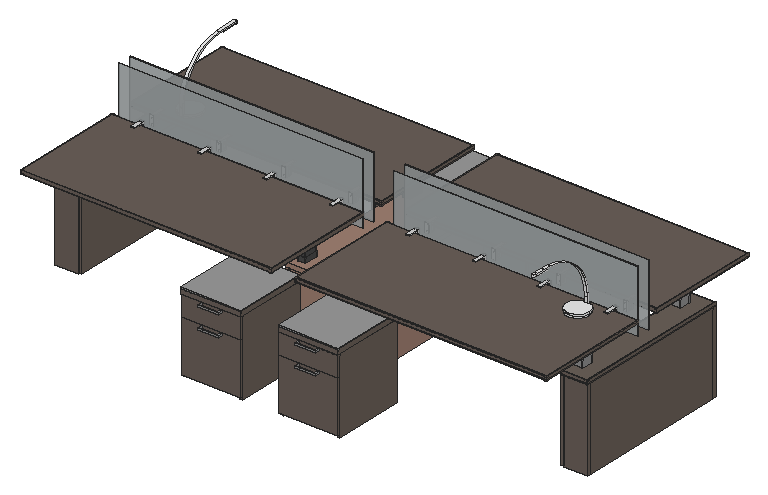
Revit family "OFS TYPICAL S200151", category Furniture, Revit 2022 (continued)
Definition of nested family "STAKS HEIGHT ADJUSTABLE WORK GROUP CABINET Double Sided Dual User"
  Forms (in)
    Extrusion 15, solid, material <- "Column Material"
      sketch origin (-7.27539, 70.81173, 0) x (1, 0, 0) y (0, 1, 0)
        loop
          line (22.65039, -85.49923) -> (22.65039, -87.12423)
          arc (22.65039, -87.12423) -> (22.66869, -87.16843) -> (22.71289, -87.18673) r 0.0625
          line (22.71289, -87.18673) -> (26.08789, -87.18673)
          arc (26.08789, -87.18673) -> (26.13208, -87.16843) -> (26.15039, -87.12423) r 0.0625
          line (26.15039, -87.12423) -> (26.15039, -85.49923)
          arc (26.15039, -85.49923) -> (26.13208, -85.45504) -> (26.08789, -85.43673) r 0.0625
          line (26.08789, -85.43673) -> (22.71289, -85.43673)
      from 24.375 to 25.75
    Extrusion 16, solid, material <- "Column Material"
      sketch origin (0, 0, 0) x (1, 0, 0) y (0, 1, 0)
        loop
          line (-15.25, -14.375) -> (-19, -14.375)
          arc (-19, -14.375) -> (-19.08839, -14.41161) -> (-19.125, -14.5) r 0.125
          line (-19.125, -14.5) -> (-19.125, -21.25)
          arc (-19.125, -21.25) -> (-19.08839, -21.33839) -> (-19, -21.375) r 0.125
          line (-19, -21.375) -> (-15.25, -21.375)
          arc (-15.25, -21.375) -> (-15.16161, -21.33839) -> (-15.125, -21.25) r 0.125
          line (-15.125, -21.25) -> (-15.125, -14.5)
          arc (-15.125, -14.5) -> (-15.16161, -14.41161) -> (-15.25, -14.375) r 0.125
      from 26.75 to 27.75
    Blend 17, solid, material <- "Column Material"
      base sketch origin (0, 0, 0) x (1, 0, 0) y (0, 1, 0)
        loop
          line (-15.375, -20) -> (-15.375, -14.75)
          arc (-15.375, -14.75) -> (-15.41161, -14.66161) -> (-15.5, -14.625) r 0.125
          line (-15.5, -14.625) -> (-18.75, -14.625)
          arc (-18.75, -14.625) -> (-18.83839, -14.66161) -> (-18.875, -14.75) r 0.125
          line (-18.875, -14.75) -> (-18.875, -20)
          arc (-18.875, -20) -> (-18.83839, -20.08839) -> (-18.75, -20.125) r 0.125
          line (-18.75, -20.125) -> (-15.5, -20.125)
          arc (-15.5, -20.125) -> (-15.41161, -20.08839) -> (-15.375, -20) r 0.125
      top sketch origin (0, 0, 0) x (1, 0, 0) y (0, 1, 0)
        loop
          line (-15.125, -21.25) -> (-15.125, -14.5)
          arc (-15.125, -14.5) -> (-15.16161, -14.41161) -> (-15.25, -14.375) r 0.125
          line (-15.25, -14.375) -> (-19, -14.375)
          arc (-19, -14.375) -> (-19.08839, -14.41161) -> (-19.125, -14.5) r 0.125
          line (-19.125, -14.5) -> (-19.125, -21.25)
          arc (-19.125, -21.25) -> (-19.08839, -21.33839) -> (-19, -21.375) r 0.125
          line (-19, -21.375) -> (-15.25, -21.375)
          arc (-15.25, -21.375) -> (-15.16161, -21.33839) -> (-15.125, -21.25) r 0.125
      from 25.75 to 26.75
    Extrusion 18, solid, material <- "Column Material"
      sketch origin (0, 0, 0) x (-1, 0, 0) y (0, -1, 0)
        loop
          arc (-15.25, 14.375) -> (-15.16161, 14.41161) -> (-15.125, 14.5) r 0.125
          line (-15.125, 14.5) -> (-15.125, 21.25)
          arc (-15.125, 21.25) -> (-15.16161, 21.33839) -> (-15.25, 21.375) r 0.125
          line (-15.25, 21.375) -> (-19, 21.375)
          arc (-19, 21.375) -> (-19.08839, 21.33839) -> (-19.125, 21.25) r 0.125
          line (-19.125, 21.25) -> (-19.125, 14.5)
          arc (-19.125, 14.5) -> (-19.08839, 14.41161) -> (-19, 14.375) r 0.125
          line (-19, 14.375) -> (-15.25, 14.375)
      from 26.75 to 27.75
    Blend 19, solid, material <- "Column Material"
      base sketch origin (0, 0, 0) x (-1, 0, 0) y (0, -1, 0)
        loop
          arc (-15.375, 20) -> (-15.41161, 20.08839) -> (-15.5, 20.125) r 0.125
          line (-15.5, 20.125) -> (-18.75, 20.125)
          arc (-18.75, 20.125) -> (-18.83839, 20.08839) -> (-18.875, 20) r 0.125
          line (-18.875, 20) -> (-18.875, 14.75)
          arc (-18.875, 14.75) -> (-18.83839, 14.66161) -> (-18.75, 14.625) r 0.125
          line (-18.75, 14.625) -> (-15.5, 14.625)
          arc (-15.5, 14.625) -> (-15.41161, 14.66161) -> (-15.375, 14.75) r 0.125
          line (-15.375, 14.75) -> (-15.375, 20)
      top sketch origin (0, 0, 0) x (-1, 0, 0) y (0, -1, 0)
        loop
          arc (-15.125, 21.25) -> (-15.16161, 21.33839) -> (-15.25, 21.375) r 0.125
          line (-15.25, 21.375) -> (-19, 21.375)
          arc (-19, 21.375) -> (-19.08839, 21.33839) -> (-19.125, 21.25) r 0.125
          line (-19.125, 21.25) -> (-19.125, 14.5)
          arc (-19.125, 14.5) -> (-19.08839, 14.41161) -> (-19, 14.375) r 0.125
          line (-19, 14.375) -> (-15.25, 14.375)
          arc (-15.25, 14.375) -> (-15.16161, 14.41161) -> (-15.125, 14.5) r 0.125
          line (-15.125, 14.5) -> (-15.125, 21.25)
      from 25.75 to 26.75
    Extrusion 20, solid, material <- "Column Material"
      sketch origin (7.27539, -88.81173, 0) x (-1, 0, 0) y (0, -1, 0)
        loop
          line (26.15039, -85.31173) -> (22.40039, -85.31173)
          arc (22.40039, -85.31173) -> (22.312, -85.34834) -> (22.27539, -85.43673) r 0.125
          line (22.27539, -85.43673) -> (22.27539, -87.18673)
          arc (22.27539, -87.18673) -> (22.312, -87.27512) -> (22.40039, -87.31173) r 0.125
          line (22.40039, -87.31173) -> (26.15039, -87.31173)
          arc (26.15039, -87.31173) -> (26.23878, -87.27512) -> (26.27539, -87.18673) r 0.125
          line (26.27539, -87.18673) -> (26.27539, -85.43673)
          arc (26.27539, -85.43673) -> (26.23878, -85.34834) -> (26.15039, -85.31173) r 0.125
      from 23 to 24.375
    Extrusion 21, solid, material <- "Column Material"
      sketch origin (7.27539, -88.81173, 0) x (-1, 0, 0) y (0, -1, 0)
        loop
          arc (22.46289, -85.43673) -> (22.41869, -85.45504) -> (22.40039, -85.49923) r 0.0625
          line (22.40039, -85.49923) -> (22.40039, -87.12423)
          arc (22.40039, -87.12423) -> (22.41869, -87.16843) -> (22.46289, -87.18673) r 0.0625
          line (22.46289, -87.18673) -> (26.08789, -87.18673)
          arc (26.08789, -87.18673) -> (26.13208, -87.16843) -> (26.15039, -87.12423) r 0.0625
          line (26.15039, -87.12423) -> (26.15039, -85.49923)
          arc (26.15039, -85.49923) -> (26.13208, -85.45504) -> (26.08789, -85.43673) r 0.0625
          line (26.08789, -85.43673) -> (22.46289, -85.43673)
      from 24.375 to 25.75
    Revolve 22, solid, material <- "Leg Caps Material"
      sketch origin (7.02629, -14.5, 0) x (1, 0, 0) y (0, 0, -1)
        loop
          line (-26.02629, -0.5) -> (-25.83829, -0.5) -> (-25.83829, 0) -> (-26.21329, 0) -> (-26.21329, -0.12502)
          arc (-26.21329, -0.12502) -> (-26.17668, -0.2134) -> (-26.08831, -0.25) r 0.12498
          line (-26.08831, -0.25) -> (-26.02629, -0.25) -> (-26.02629, -0.5)
        axis (-25.83829, 0) -> (-25.83829, -0.5)
      angle from 0 to 360
    Revolve 23, solid, material <- "Leg Caps Material"
      sketch origin (-7.02629, -14.5, 0) x (-1, 0, 0) y (0, 0, 1)
        loop
          line (-26.02629, 0.5) -> (-26.02629, 0.25) -> (-26.08831, 0.25)
          arc (-26.08831, 0.25) -> (-26.17668, 0.2134) -> (-26.21329, 0.12502) r 0.12498
          line (-26.21329, 0.12502) -> (-26.21329, 0) -> (-25.83829, 0) -> (-25.83829, 0.5) -> (-26.02629, 0.5)
        axis (-25.83829, 0) -> (-25.83829, 0.5)
      angle from 0 to 360
    Extrusion 24, solid, material <- "Column Material"
      sketch origin (-7.27539, -88.81173, 0) x (1, 0, 0) y (0, 1, 0)
        loop
          arc (26.15039, 85.31173) -> (26.23878, 85.34834) -> (26.27539, 85.43673) r 0.125
          line (26.27539, 85.43673) -> (26.27539, 87.18673)
          arc (26.27539, 87.18673) -> (26.23878, 87.27512) -> (26.15039, 87.31173) r 0.125
          line (26.15039, 87.31173) -> (22.65039, 87.31173)
          arc (22.65039, 87.31173) -> (22.562, 87.27512) -> (22.52539, 87.18673) r 0.125
          line (22.52539, 87.18673) -> (22.52539, 85.43673)
          arc (22.52539, 85.43673) -> (22.562, 85.34834) -> (22.65039, 85.31173) r 0.125
          line (22.65039, 85.31173) -> (26.15039, 85.31173)
      from 23 to 24.375
    Extrusion 25, solid, material <- "Column Material"
      sketch origin (-7.27539, -88.81173, 0) x (1, 0, 0) y (0, 1, 0)
        loop
          line (22.71289, 85.43673) -> (26.08789, 85.43673)
          arc (26.08789, 85.43673) -> (26.13208, 85.45504) -> (26.15039, 85.49923) r 0.0625
          line (26.15039, 85.49923) -> (26.15039, 87.12423)
          arc (26.15039, 87.12423) -> (26.13208, 87.16843) -> (26.08789, 87.18673) r 0.0625
          line (26.08789, 87.18673) -> (22.71289, 87.18673)
          arc (22.71289, 87.18673) -> (22.66869, 87.16843) -> (22.65039, 87.12423) r 0.0625
          line (22.65039, 87.12423) -> (22.65039, 85.49923)
          arc (22.65039, 85.49923) -> (22.66869, 85.45504) -> (22.71289, 85.43673) r 0.0625
      from 24.375 to 25.75
    Extrusion 26, solid, material <- "Column Material"
      sketch origin (0, -18, 0) x (1, 0, 0) y (0, 1, 0)
        loop
          arc (-15, 14.375) -> (-14.91161, 14.41161) -> (-14.875, 14.5) r 0.125
          line (-14.875, 14.5) -> (-14.875, 21.25)
          arc (-14.875, 21.25) -> (-14.91161, 21.33839) -> (-15, 21.375) r 0.125
          line (-15, 21.375) -> (-19, 21.375)
          arc (-19, 21.375) -> (-19.08839, 21.33839) -> (-19.125, 21.25) r 0.125
          line (-19.125, 21.25) -> (-19.125, 14.5)
          arc (-19.125, 14.5) -> (-19.08839, 14.41161) -> (-19, 14.375) r 0.125
          line (-19, 14.375) -> (-15, 14.375)
      from 26.75 to 27.75
    Blend 27, solid, material <- "Column Material"
      base sketch origin (0, -18, 0) x (1, 0, 0) y (0, 1, 0)
        loop
          arc (-15.125, 20) -> (-15.16161, 20.08839) -> (-15.25, 20.125) r 0.125
          line (-15.25, 20.125) -> (-18.75, 20.125)
          arc (-18.75, 20.125) -> (-18.83839, 20.08839) -> (-18.875, 20) r 0.125
          line (-18.875, 20) -> (-18.875, 14.75)
          arc (-18.875, 14.75) -> (-18.83839, 14.66161) -> (-18.75, 14.625) r 0.125
          line (-18.75, 14.625) -> (-15.25, 14.625)
          arc (-15.25, 14.625) -> (-15.16161, 14.66161) -> (-15.125, 14.75) r 0.125
          line (-15.125, 14.75) -> (-15.125, 20)
      top sketch origin (0, -18, 0) x (1, 0, 0) y (0, 1, 0)
        loop
          arc (-14.875, 21.25) -> (-14.91161, 21.33839) -> (-15, 21.375) r 0.125
          line (-15, 21.375) -> (-19, 21.375)
          arc (-19, 21.375) -> (-19.08839, 21.33839) -> (-19.125, 21.25) r 0.125
          line (-19.125, 21.25) -> (-19.125, 14.5)
          arc (-19.125, 14.5) -> (-19.08839, 14.41161) -> (-19, 14.375) r 0.125
          line (-19, 14.375) -> (-15, 14.375)
          arc (-15, 14.375) -> (-14.91161, 14.41161) -> (-14.875, 14.5) r 0.125
          line (-14.875, 14.5) -> (-14.875, 21.25)
      from 25.75 to 26.75
    Extrusion 28, solid, material <- "Column Material"
      sketch origin (0, -18, 0) x (-1, 0, 0) y (0, -1, 0)
        loop
          line (-15.25, -14.375) -> (-19, -14.375)
          arc (-19, -14.375) -> (-19.08839, -14.41161) -> (-19.125, -14.5) r 0.125
          line (-19.125, -14.5) -> (-19.125, -21.25)
          arc (-19.125, -21.25) -> (-19.08839, -21.33839) -> (-19, -21.375) r 0.125
          line (-19, -21.375) -> (-15.25, -21.375)
          arc (-15.25, -21.375) -> (-15.16161, -21.33839) -> (-15.125, -21.25) r 0.125
          line (-15.125, -21.25) -> (-15.125, -14.5)
          arc (-15.125, -14.5) -> (-15.16161, -14.41161) -> (-15.25, -14.375) r 0.125
      from 26.75 to 27.75
    Blend 29, solid, material <- "Column Material"
      base sketch origin (0, -18, 0) x (-1, 0, 0) y (0, -1, 0)
        loop
          line (-15.375, -20) -> (-15.375, -14.75)
          arc (-15.375, -14.75) -> (-15.41161, -14.66161) -> (-15.5, -14.625) r 0.125
          line (-15.5, -14.625) -> (-18.75, -14.625)
          arc (-18.75, -14.625) -> (-18.83839, -14.66161) -> (-18.875, -14.75) r 0.125
          line (-18.875, -14.75) -> (-18.875, -20)
          arc (-18.875, -20) -> (-18.83839, -20.08839) -> (-18.75, -20.125) r 0.125
          line (-18.75, -20.125) -> (-15.5, -20.125)
          arc (-15.5, -20.125) -> (-15.41161, -20.08839) -> (-15.375, -20) r 0.125
      top sketch origin (0, -18, 0) x (-1, 0, 0) y (0, -1, 0)
        loop
          line (-15.125, -21.25) -> (-15.125, -14.5)
          arc (-15.125, -14.5) -> (-15.16161, -14.41161) -> (-15.25, -14.375) r 0.125
          line (-15.25, -14.375) -> (-19, -14.375)
          arc (-19, -14.375) -> (-19.08839, -14.41161) -> (-19.125, -14.5) r 0.125
          line (-19.125, -14.5) -> (-19.125, -21.25)
          arc (-19.125, -21.25) -> (-19.08839, -21.33839) -> (-19, -21.375) r 0.125
          line (-19, -21.375) -> (-15.25, -21.375)
          arc (-15.25, -21.375) -> (-15.16161, -21.33839) -> (-15.125, -21.25) r 0.125
      from 25.75 to 26.75
  Cuts and joins
    Extrusion 9 cuts Extrusion 7
    Extrusion 9 cuts Extrusion 6
  Dimensions and locks (in)
    equal spacing: plane 4 "Left End", plane 3 "Center Left/Right", plane 6 "Right End"
    "Width": plane 4 "Left End" to plane 6 "Right End"
    "Height": plane 8 "Height Top" to level
    "Board Thick Sides": plane 4 "Left End" to plane 9
    "Board Thick Sides": plane 10 to plane 6 "Right End"
    "Board Thick Top": plane 8 "Height Top" to plane 11
    "Board Thick Bot": plane 13 to plane 12
    "Bottom Board Offset": plane 12 to level
    "Board Thick Front": plane 14 to plane 5 "Front End"
    "Leg Offset": plane 15 to plane 6 "Right End"
    "Leg Offset": plane 4 "Left End" to plane 16
    "Board Thick Door": plane 17 to plane 5 "Front End"
    "Board Thick Back": plane 18 to plane 1 "Center Front/Back"
    "Depth": plane 17 to plane 1 "Center Front/Back"
    "Top Board Back Offset": plane 19 to plane 7 "Back End"
    equal spacing: plane 21, plane 3 "Center Left/Right", plane 23
    "Box Width": plane 21 to plane 23
    "Board Thick Internal": plane 23 to plane 22
    "Board Thick Internal": plane 20 to plane 21
    "Table Height": plane 24 to level
    "Column Plate Thickness": plane 24 to plane 25
    equal spacing: plane 25, plane 26, plane 8 "Height Top"
    equal spacing: plane 24, plane 27, plane 25
    aligned and locked: level to plane 2
    aligned and locked: plane 4 "Left End" to Extrusion 1 sketch curve
    aligned and locked: Extrusion 1 sketch curve to plane 9
    aligned and locked: plane 10 to Extrusion 2
    aligned and locked: Extrusion 2 to plane 6 "Right End"
    aligned and locked: plane 12 to Extrusion 2
    aligned and locked: plane 10 to Extrusion 3 sketch curve
    aligned and locked: Extrusion 3 sketch curve to plane 9
    aligned and locked: Extrusion 6 to plane 12
    aligned and locked: Extrusion 3 to plane 13
    aligned and locked: Extrusion 3 to plane 12
    aligned and locked: Extrusion 6 to plane 11
    aligned and locked: Extrusion 2 to plane 11
    aligned and locked: Extrusion 4 to plane 17
    aligned and locked: Extrusion 4 to plane 6 "Right End"
    aligned and locked: Extrusion 4 to plane 4 "Left End"
    aligned and locked: plane 8 "Height Top" to Extrusion 4
    aligned and locked: Extrusion 4 to plane 11
    aligned and locked: Extrusion 7 to plane 11
    aligned and locked: Extrusion 6 to plane 18
    aligned and locked: Extrusion 6 to plane 1 "Center Front/Back"
    aligned and locked: Extrusion 4 to plane 19
    aligned and locked: Extrusion 3 to plane 18
    aligned and locked: plane 11 to Extrusion 8
    aligned and locked: Extrusion 8 to plane 13
    aligned and locked: Extrusion 4 to Extrusion 9
    aligned and locked: Extrusion 6 to Extrusion 9
    aligned and locked: Extrusion 9 to Extrusion 2
    aligned and locked: plane 23 to Extrusion 8
    aligned and locked: Extrusion 8 to plane 22
    aligned and locked: Extrusion 5 to plane 20
    aligned and locked: cut or joined group of Extrusion 7, Extrusion 9 to plane 12
    aligned and locked: plane 25 to Extrusion 11
    aligned and locked: plane 26 to Extrusion 10
    aligned and locked: Extrusion 11 to plane 26
    aligned and locked: plane 11 to Extrusion 1
    aligned and locked: plane 11 to Extrusion 5
    aligned and locked: Extrusion 1 to plane 5 "Front End"
    aligned and locked: Extrusion 2 to plane 5 "Front End"
    aligned and locked: cut or joined group of Extrusion 7, Extrusion 9 to plane 4 "Left End"
    aligned and locked: cut or joined group of Extrusion 7, Extrusion 9 to plane 6 "Right End"
    aligned and locked: Extrusion 1 to plane 12
    aligned and locked: plane 16 to Revolve 12
    aligned and locked: plane 15 to Revolve 13
    aligned and locked: Extrusion 5 to plane 13
    aligned and locked: Extrusion 10 to plane 8 "Height Top"
    aligned and locked: Extrusion 14 to plane 8 "Height Top"
    aligned and locked: Extrusion 15 to plane 25
    aligned and locked: Extrusion 14 to plane 26
    aligned and locked: plane 26 to Extrusion 15
    aligned and locked: plane 24 to Extrusion 16
    aligned and locked: Extrusion 16 to plane 27
    aligned and locked: Blend 17 to plane 25
    aligned and locked: plane 27 to Blend 17
    aligned and locked: Extrusion 18 to plane 24
    aligned and locked: Blend 19 to plane 27
    aligned and locked: plane 27 to Extrusion 18
    aligned and locked: plane 25 to Blend 19
    aligned and locked: Extrusion 26 to plane 24
    aligned and locked: Extrusion 28 to plane 24
    aligned and locked: plane 27 to Blend 27
    aligned and locked: Extrusion 26 to plane 27
    aligned and locked: plane 27 to Blend 29
    aligned and locked: Extrusion 28 to plane 27
    aligned and locked: plane 25 to Blend 27
    aligned and locked: plane 25 to Blend 29
    aligned and locked: Extrusion 21 to plane 25
    aligned and locked: Extrusion 25 to plane 25
    aligned and locked: Extrusion 20 to plane 26
    aligned and locked: plane 26 to Extrusion 21
    aligned and locked: Extrusion 24 to plane 26
    aligned and locked: plane 26 to Extrusion 25
    aligned and locked: plane 18 to Extrusion 2
    aligned and locked: plane 18 to Extrusion 1
    aligned and locked: cut or joined group of Extrusion 6, Extrusion 9 to plane 4 "Left End"
    aligned and locked: cut or joined group of Extrusion 6, Extrusion 9 to plane 6 "Right End"
    aligned and locked: Extrusion 24 to plane 8 "Height Top"
    aligned and locked: plane 8 "Height Top" to Extrusion 14
    aligned and locked: Extrusion 20 to plane 8 "Height Top"
  Automatic sketch dimensions
    Extrusion 1 sketch curve to plane 5 "Front End" = 0"
    plane 1 "Center Front/Back" to Extrusion 1 sketch curve = 3/4"
    Extrusion 2 sketch curve to plane 5 "Front End" = 0"
    Extrusion 2 sketch curve to plane 6 "Right End" = 0"
    Extrusion 2 sketch curve to plane 10 = 0"
    Extrusion 2 sketch curve to plane 1 "Center Front/Back" = 3/4"
    Extrusion 3 sketch curve to plane 5 "Front End" = 0"
    Extrusion 3 sketch curve to plane 18 = 0"
    Extrusion 4 sketch curve to plane 4 "Left End" = 0"
    Extrusion 4 sketch curve to plane 6 "Right End" = 0"
    Extrusion 4 sketch curve to plane 17 = 0"
    plane 1 "Center Front/Back" to Extrusion 4 sketch curve = 0"
    Extrusion 5 sketch curve to plane 5 "Front End" = 0"
    Extrusion 5 sketch curve to plane 20 = 0"
    Extrusion 5 sketch curve to plane 21 = 0"
    Extrusion 5 sketch curve to plane 18 = 0"
    Extrusion 6 sketch curve to plane 9 = 3/4"
    Extrusion 6 sketch curve to plane 10 = 3/4"
    Extrusion 6 sketch curve to plane 18 = 0"
    plane 1 "Center Front/Back" to Extrusion 6 sketch curve = 0"
    Extrusion 7 sketch curve to plane 4 "Left End" = 0"
    Extrusion 7 sketch curve to plane 6 "Right End" = 0"
    plane 17 to Extrusion 7 sketch curve = 0"
    Extrusion 7 sketch curve to plane 5 "Front End" = 0"
    Extrusion 8 sketch curve to plane 5 "Front End" = 0"
    Extrusion 8 sketch curve to plane 22 = 0"
    Extrusion 8 sketch curve to plane 23 = 0"
    Extrusion 8 sketch curve to plane 18 = 0"
    Extrusion 9 sketch curve to plane 11 = 0"
    Extrusion 9 sketch curve to plane 21 = 0"
    plane 23 to Extrusion 9 sketch curve = 0"
    plane 8 "Height Top" to Extrusion 9 sketch curve = 1 5/16"
    Extrusion 10 sketch curve to plane 14 = 0"
    Extrusion 10 sketch curve to plane 16 = 0"
    Extrusion 10 sketch curve to plane 14 = 2"
    Extrusion 10 sketch curve to plane 16 = 1/8"  (x2)
    Extrusion 10 sketch curve to Extrusion 10 sketch curve = 3 1/2"
    Extrusion 10 sketch curve to Extrusion 10 sketch curve = 0"
    Extrusion 10 sketch curve to Extrusion 10 sketch curve = 1/8"
    Extrusion 11 sketch curve to plane 14 = 3/16"
    Extrusion 11 sketch curve to plane 16 = 3 5/8"
    Extrusion 11 sketch curve to plane 16 = 3/16"  (x2)
    Extrusion 11 sketch curve to plane 14 = 1 7/8"
    Extrusion 11 sketch curve to Extrusion 11 sketch curve = 1/16"  (x3)
    Revolve 12 sketch curve to level = 0"
    plane 16 to Revolve 12 sketch curve = 0"
    Revolve 12 sketch curve to plane 12 = 0"  (x2)
    level to Revolve 12 sketch curve = 0.12502"
    Revolve 12 sketch curve to Revolve 12 sketch curve = 0.06202"
    Revolve 12 sketch curve to Revolve 12 sketch curve = 0.12498"
    Revolve 12 sketch curve to plane 16 = 0.188"  (x2)
    plane 12 to Revolve 12 sketch curve = 1/4"
    Revolve 13 sketch curve to level = 0"
    plane 15 to Revolve 13 sketch curve = 0"
    Revolve 13 sketch curve to plane 12 = 0"  (x2)
    level to Revolve 13 sketch curve = 1/4"
    Revolve 13 sketch curve to Revolve 13 sketch curve = 0.06202"
    Revolve 13 sketch curve to Revolve 13 sketch curve = 0.12498"
    plane 15 to Revolve 13 sketch curve = 0.188"  (x2)
    plane 12 to Revolve 13 sketch curve = 1/4"
    plane 14 to Extrusion 14 sketch curve = 0"
    Extrusion 14 sketch curve to plane 15 = 0"
    Extrusion 14 sketch curve to plane 14 = 1/8"
    plane 15 to Extrusion 14 sketch curve = 1/8"
    Extrusion 14 sketch curve to Extrusion 14 sketch curve = 3 1/2"
    Extrusion 14 sketch curve to Extrusion 14 sketch curve = 0"
    Extrusion 14 sketch curve to Extrusion 14 sketch curve = 1/8"
    Extrusion 14 sketch curve to Extrusion 14 sketch curve = 1 3/4"
    Extrusion 15 sketch curve to plane 14 = 3/16"
    plane 15 to Extrusion 15 sketch curve = 3 5/8"
    Extrusion 15 sketch curve to plane 14 = 1/8"
    Extrusion 15 sketch curve to Extrusion 15 sketch curve = 1/16"  (x2)
    plane 15 to Extrusion 15 sketch curve = 3/16"  (x2)
    Extrusion 15 sketch curve to Extrusion 15 sketch curve = 1 5/8"
    Extrusion 16 sketch curve to plane 16 = 0"  (x2)
    plane 17 to Extrusion 16 sketch curve = 3 3/8"
    plane 16 to Extrusion 16 sketch curve = 1/8"
    Extrusion 16 sketch curve to plane 14 = 2 1/8"
    Extrusion 16 sketch curve to Extrusion 16 sketch curve = 3 3/4"  (x2)
    Extrusion 16 sketch curve to Extrusion 16 sketch curve = 1/8"
    Blend 17 sketch curve to plane 16 = 1/8"
    plane 17 to Blend 17 sketch curve = 2 1/8"
    Blend 17 sketch curve to Blend 17 sketch curve = 1/8"  (x4)
    Blend 17 sketch curve to Blend 17 sketch curve = 3 1/4"
    Blend 17 sketch curve to Blend 17 sketch curve = 0"
    Blend 17 sketch curve to plane 14 = 1 3/4"
    Blend 17 sketch curve to plane 16 = 0"  (x2)
    plane 17 to Blend 17 sketch curve = 3 3/8"
    plane 16 to Blend 17 sketch curve = 1/8"
    Blend 17 sketch curve to Blend 17 sketch curve = 3 3/4"  (x2)
    Blend 17 sketch curve to plane 14 = 2"
    Extrusion 18 sketch curve to plane 15 = 0"  (x2)
    Extrusion 18 sketch curve to plane 17 = 3 3/8"
    plane 15 to Extrusion 18 sketch curve = 1/8"
    plane 14 to Extrusion 18 sketch curve = 2 1/8"
    Extrusion 18 sketch curve to Extrusion 18 sketch curve = 3 3/4"  (x2)
    Extrusion 18 sketch curve to Extrusion 18 sketch curve = 1/8"
    Blend 19 sketch curve to plane 15 = 1/8"
    Blend 19 sketch curve to plane 17 = 2 1/8"
    Blend 19 sketch curve to Blend 19 sketch curve = 1/8"  (x4)
    Blend 19 sketch curve to Blend 19 sketch curve = 3 1/4"
    Blend 19 sketch curve to Blend 19 sketch curve = 0"
    plane 14 to Blend 19 sketch curve = 1 3/4"
    Blend 19 sketch curve to plane 15 = 0"  (x2)
    Blend 19 sketch curve to plane 17 = 3 3/8"
    plane 15 to Blend 19 sketch curve = 1/8"
    Blend 19 sketch curve to Blend 19 sketch curve = 3 3/4"  (x2)
    plane 14 to Blend 19 sketch curve = 2"
    Extrusion 20 sketch curve to plane 16 = 0"
    Extrusion 20 sketch curve to plane 16 = 1/8"  (x2)
    Extrusion 20 sketch curve to plane 18 = 3/4"
    Extrusion 20 sketch curve to Extrusion 20 sketch curve = 3 3/4"
    Extrusion 20 sketch curve to Extrusion 20 sketch curve = 0"
    Extrusion 20 sketch curve to Extrusion 20 sketch curve = 1/8"
    Extrusion 20 sketch curve to Extrusion 20 sketch curve = 1 3/4"
    Extrusion 21 sketch curve to plane 18 = 15/16"
    Extrusion 21 sketch curve to plane 16 = 3 7/8"
    Extrusion 21 sketch curve to plane 18 = 7/8"
    Extrusion 21 sketch curve to Extrusion 21 sketch curve = 1/16"  (x2)
    Extrusion 21 sketch curve to plane 16 = 3/16"  (x2)
    Extrusion 21 sketch curve to Extrusion 21 sketch curve = 1 5/8"
    Revolve 22 sketch curve to level = 0"
    plane 16 to Revolve 22 sketch curve = 0"
    Revolve 22 sketch curve to plane 12 = 0"  (x2)
    level to Revolve 22 sketch curve = 1/4"
    Revolve 22 sketch curve to Revolve 22 sketch curve = 0.06202"
    Revolve 22 sketch curve to Revolve 22 sketch curve = 0.12498"
    Revolve 22 sketch curve to plane 16 = 0.188"  (x2)
    plane 12 to Revolve 22 sketch curve = 1/4"
    Revolve 23 sketch curve to level = 0"
    plane 15 to Revolve 23 sketch curve = 0"
    Revolve 23 sketch curve to plane 12 = 0"  (x2)
    level to Revolve 23 sketch curve = 0.12502"
    Revolve 23 sketch curve to plane 15 = 0.06202"
    Revolve 23 sketch curve to Revolve 23 sketch curve = 0.12498"
    plane 15 to Revolve 23 sketch curve = 0.188"  (x2)
    plane 12 to Revolve 23 sketch curve = 1/4"
    Extrusion 24 sketch curve to plane 15 = 0"
    Extrusion 24 sketch curve to plane 18 = 2 3/4"
    plane 15 to Extrusion 24 sketch curve = 1/8"  (x2)
    Extrusion 24 sketch curve to Extrusion 24 sketch curve = 3 1/2"
    Extrusion 24 sketch curve to plane 18 = 3/4"
    Extrusion 24 sketch curve to Extrusion 24 sketch curve = 0"
    Extrusion 24 sketch curve to Extrusion 24 sketch curve = 1/8"
    Extrusion 25 sketch curve to plane 18 = 15/16"
    plane 15 to Extrusion 25 sketch curve = 3 5/8"
    plane 15 to Extrusion 25 sketch curve = 3/16"  (x2)
    Extrusion 25 sketch curve to plane 18 = 2 5/8"
    Extrusion 25 sketch curve to Extrusion 25 sketch curve = 1/16"  (x3)
    Extrusion 26 sketch curve to plane 16 = 0"  (x2)
    plane 1 "Center Front/Back" to Extrusion 26 sketch curve = 3 3/8"
    Extrusion 26 sketch curve to plane 16 = 1/8"
    Extrusion 26 sketch curve to Extrusion 26 sketch curve = 4"  (x2)
    Extrusion 26 sketch curve to Extrusion 26 sketch curve = 1/8"
    plane 18 to Extrusion 26 sketch curve = 2 3/4"
    plane 16 to Blend 27 sketch curve = 1/8"
    plane 1 "Center Front/Back" to Blend 27 sketch curve = 2 1/8"
    Blend 27 sketch curve to Blend 27 sketch curve = 1/8"  (x4)
    Blend 27 sketch curve to Blend 27 sketch curve = 3 1/2"
    Blend 27 sketch curve to Blend 27 sketch curve = 0"
    plane 18 to Blend 27 sketch curve = 2 1/2"
    Blend 27 sketch curve to plane 16 = 0"  (x2)
    plane 1 "Center Front/Back" to Blend 27 sketch curve = 3 3/8"
    Blend 27 sketch curve to plane 16 = 1/8"
    Blend 27 sketch curve to Blend 27 sketch curve = 4"  (x2)
    plane 18 to Blend 27 sketch curve = 2 3/4"
    Extrusion 28 sketch curve to plane 15 = 0"  (x2)
    Extrusion 28 sketch curve to plane 1 "Center Front/Back" = 3 3/8"
    Extrusion 28 sketch curve to Extrusion 28 sketch curve = 1/8"  (x2)
    Extrusion 28 sketch curve to Extrusion 28 sketch curve = 3 3/4"
    plane 15 to Extrusion 28 sketch curve = 3 3/4"
    Extrusion 28 sketch curve to plane 18 = 2 3/4"
    plane 15 to Blend 29 sketch curve = 1/8"
    Blend 29 sketch curve to plane 1 "Center Front/Back" = 2 1/8"
    Blend 29 sketch curve to Blend 29 sketch curve = 1/8"  (x4)
    Blend 29 sketch curve to Blend 29 sketch curve = 3 1/4"
    Blend 29 sketch curve to Blend 29 sketch curve = 0"
    Blend 29 sketch curve to plane 18 = 2 1/2"
    Blend 29 sketch curve to plane 15 = 0"  (x2)
    Blend 29 sketch curve to plane 1 "Center Front/Back" = 3 3/8"
    Blend 29 sketch curve to plane 15 = 1/8"
    Blend 29 sketch curve to Blend 29 sketch curve = 3 3/4"
    plane 15 to Blend 29 sketch curve = 3 3/4"
    Blend 29 sketch curve to plane 18 = 2 3/4"
Definition of nested family "STAKS HEIGHT ADJUSTABLE WORKSURFACE"
  Parameters (values of type "STAKS HEIGHT ADJUSTABLE WORKSURFACE 54x30")
    Width = 54"
    Veneer Material = none
    URL = "http://www.ofs.com/"
    PVC Edge [instance] = not([3D Laminate])  # yes
    Height [instance] = 21"
    Edge Material = none
    Model = "6-5430HAWS"
    Manufacturer = "OFS"
    Description = "OFS STAKS HEIGHT ADJUSTABLE WORKSURFACE, 54\" Width x 30\" Depth Long Grain, Includes Height Adjustable Control, Switch and Cables"
    Depth = 30"
    Default Elevation = 0"
    Copyright © = "© 2018 OFS"
    Catalog = "https://ofs.com/products/open-plan/benching/staks"
    Authoring Version = "Autodesk Revit Architecture 2013"
    Assembly Code = "E2020200"
    3D Laminate Material = none
    3D Laminate [instance] = no
  Types (5): name | Width | Model | Description
    (no name) | 54" | "6-5430HAWS" | "OFS STAKS HEIGHT ADJUSTABLE WORKSURFACE, 54\" Width x 30\" Depth Long Grain, Includes Height Adjustable Control, Switch and Cables"
    STAKS HEIGHT ADJUSTABLE WORKSURFACE 54x30 | 54" | "6-5430HAWS" | "OFS STAKS HEIGHT ADJUSTABLE WORKSURFACE, 54\" Width x 30\" Depth Long Grain, Includes Height Adjustable Control, Switch and Cables"
    STAKS HEIGHT ADJUSTABLE WORKSURFACE 60x30 | 60" | "6-6030HAWS" | "OFS STAKS HEIGHT ADJUSTABLE WORKSURFACE, 60\" Width x 30\" Depth Long Grain, Includes Height Adjustable Control, Switch and Cables"
    STAKS HEIGHT ADJUSTABLE WORKSURFACE 66x30 | 66" | "6-6630HAWS" | "OFS STAKS HEIGHT ADJUSTABLE WORKSURFACE, 66\" Width x 30\" Depth Long Grain, Includes Height Adjustable Control, Switch and Cables"
    STAKS HEIGHT ADJUSTABLE WORKSURFACE 72x30 | 72" | "6-7230HAWS" | "OFS STAKS HEIGHT ADJUSTABLE WORKSURFACE, 72\" Width x 30\" Depth Long Grain, Includes Height Adjustable Control, Switch and Cables"
  Reference planes (in)
    plane 1 "Center (Front/Back)": y = 0
    plane 2: z = 0
    plane 3 "Center (Left/Right)": x = 0
    plane 4: x = 27
    plane 5: x = -27
    plane 6: y = 15
    plane 7: y = -15
    plane 8: z = 19.875
    plane 9: z = 21
  Forms (in)
    Extrusion 1, solid, material <- "3D Laminate Material", visible <- "3D Laminate"
      sketch origin (3.56329, 81.33771, 7) x (-1, 0, 0) y (0, -1, 0)
        loop
          line (30.56329, 66.33771) -> (30.56329, 96.33771) -> (-23.43671, 96.33771) -> (-23.43671, 66.33771) -> (30.56329, 66.33771)
      from 14 to 12.875
    Extrusion 2, solid, material <- "Veneer Material", visible <- "PVC Edge"
      sketch origin (3.56329, 81.33771, 3.5) x (-1, 0, 0) y (0, -1, 0)
        loop
          line (30.43829, 66.46271) -> (30.43829, 96.21271) -> (-23.31171, 96.21271) -> (-23.31171, 66.46271) -> (30.43829, 66.46271)
      from 17.5 to 16.375
    Sweep 3, solid, material <- "Edge Material", visible <- "PVC Edge"
      path origin (31.86692, 60.25439, 21) x (0, 1, 0) y (-1, 0, 0)
        loop
          line (-45.25439, 58.86692) -> (-75.25439, 58.86692) -> (-75.25439, 4.86692) -> (-45.25439, 4.86692) -> (-45.25439, 58.86692)
      profile origin (-27, 0, 21) x (1, 0, 0) y (0, 0, 1)
        loop
          arc (0, -1) -> (0.03661, -1.08839) -> (0.125, -1.125) r 0.125
          line (0.125, -1.125) -> (0.125, 0)
          arc (0.125, 0) -> (0.03661, -0.03661) -> (0, -0.125) r 0.125
          line (0, -0.125) -> (0, -1)
  Dimensions and locks (in)
    equal spacing: plane 5, plane 3 "Center (Left/Right)", plane 4
    "Width": plane 5 to plane 4
    "Depth": plane 6 to plane 7
    equal spacing: plane 7, plane 1 "Center (Front/Back)", plane 6
    locked: plane 9 to plane 8 at 1.125
    "Height": plane 9 to level
    aligned and locked: level to plane 2
    aligned and locked: Sweep 3 sketch curve to plane 5
    aligned and locked: Sweep 3 sketch curve to plane 6
    aligned and locked: Sweep 3 sketch curve to plane 7
    aligned and locked: Sweep 3 sketch curve to plane 4
    aligned and locked: Extrusion 2 sketch curve to Sweep 3  (x4)
    aligned and locked: Extrusion 1 sketch curve to plane 5
    aligned and locked: Extrusion 1 sketch curve to plane 7
    aligned and locked: Extrusion 1 sketch curve to plane 6
    aligned and locked: Extrusion 1 sketch curve to plane 4
    aligned and locked: plane 9 to Extrusion 1
    aligned and locked: plane 9 to Extrusion 2
    aligned and locked: plane 9 to Sweep 3
    aligned and locked: Extrusion 1 to plane 8
    aligned and locked: Extrusion 2 to plane 8
  Automatic sketch dimensions
    profile plane to Sweep 3 sketch curve = 0"
    Sweep 3 sketch curve to profile plane = 0"
    Sweep 3 sketch curve to profile plane = 1/8"
    Sweep 3 sketch curve to profile plane = 1 1/8"
Definition of nested family "STAKS CROSS RAIL PREMIUM POWER Double Sided Three Circuit"
  Parameters (values of type "STAKS CROSS RAIL PREMIUM POWER Double Sided Three Circuit 54in")
    Width = 48"
    URL = "http://www.ofs.com/"
    Surface Material = none
    Power Block Material = none
    Power Block Casing Material = none
    Model = "6-54PRA-4"
    Metal Conduit Material = none
    Manufacturer = "OFS"
    Height = 5 1/4"
    Duplex Receptacle Material = none
    Description = "OFS STAKS CROSS RAIL PREMIUM POWER for Use with 54\" Double Sided Height Adjustable Cabinets & Panel Bases, Three Circuit"
    Depth = 6"
    Default Elevation = 0"
    Copyright © = "© 2018 OFS"
    Catalog = "https://ofs.com/products/open-plan/benching/staks"
    Bracket Material = none
    Authoring Version = "Autodesk Revit Architecture 2013"
    Assembly Code = "E2020200"
  Types (5): name | Width | Model | Description
    (no name) | 48" | "6-54PRA-4" | "OFS STAKS CROSS RAIL PREMIUM POWER for Use with 54\" Double Sided Height Adjustable Cabinets & Panel Bases, Three Circuit"
    STAKS CROSS RAIL PREMIUM POWER Double Sided Three Circuit 54in | 48" | "6-54PRA-4" | "OFS STAKS CROSS RAIL PREMIUM POWER for Use with 54\" Double Sided Height Adjustable Cabinets & Panel Bases, Three Circuit"
    STAKS CROSS RAIL PREMIUM POWER Double Sided Three Circuit 60in | 54" | "6-60PRA-4" | "OFS STAKS CROSS RAIL PREMIUM POWER for Use with 60\" Double Sided Height Adjustable Cabinets & Panel Bases, Three Circuit"
    STAKS CROSS RAIL PREMIUM POWER Double Sided Three Circuit 66in | 60" | "6-66PRA-4" | "OFS STAKS CROSS RAIL PREMIUM POWER for Use with 66\" Double Sided Height Adjustable Cabinets & Panel Bases, Three Circuit"
    STAKS CROSS RAIL PREMIUM POWER Double Sided Three Circuit 72in | 66" | "6-72PRA-4" | "OFS STAKS CROSS RAIL PREMIUM POWER for Use with 72\" Double Sided Height Adjustable Cabinets & Panel Bases, Three Circuit"
  Reference planes (in)
    plane 1 "Center (Front/Back)": y = 0
    plane 2: z = 0
    plane 3 "Center (Left/Right)": x = 0
    plane 4: z = 21.67035
    plane 5: z = 27.87507
    plane 6: x = -19.50147
    plane 7: x = -17.03389
    plane 8: x = -15.9687
    plane 9: x = -14.91102
    plane 10: x = -18.08898
    plane 11: x = -7.4956
    plane 12: x = -9.96318
    plane 13: x = -11.02837
    plane 14: x = -12.08605
    plane 15: x = -8.90809
    plane 16: x = -24
    plane 17: x = -3
    plane 18: x = -20.08661
    plane 19: z = 17.34957
    plane 20: x = -21.08661
    plane 21: x = -13.49853
    plane 22: x = -6.91045
    plane 23: x = -5.91045
    plane 24: x = 19.50147
    plane 25: x = 17.03389
    plane 26: x = 15.9687
    plane 27: x = 14.91102
    plane 28: x = 18.08898
    plane 29: x = 7.4956
    plane 30: x = 9.96318
    plane 31: x = 11.02837
    plane 32: x = 12.08605
    plane 33: x = 8.90809
    plane 34: x = 24
    plane 35: x = 3
    plane 36: x = 20.08661
    plane 37: x = 21.08661
    plane 38: x = 13.49853
    plane 39: x = 6.91045
    plane 40: x = 5.91045
    plane 41: x = 8.2456
    plane 42: x = -8.2456
    plane 43: x = 7.4956
    plane 44: x = -7.4956
    plane 45: x = -6.95298
    plane 46: x = -5.82454
    plane 47: x = -4.74522
    plane 48: x = 6.95298
    plane 49: x = 5.82454
    plane 50: x = 4.74522
    plane 51: y = 3
    plane 52: y = -3
    plane 53: y = 2
    plane 54: y = -2
    plane 55: z = 22.5
    plane 56: z = 21.75
    plane 57: z = 20.75
    plane 58: x = 0.5
    plane 59: x = -0.5
  Forms (in)
    Extrusion 1, solid, material <- "Power Block Material"
      sketch origin (-38.7456, 0, -7.21714) x (-1, 0, 0) y (0, 0, -1)
        loop
          line (-29.43829, -26.82737) -> (-27.05878, -26.82737)
          arc (-27.05878, -26.82737) -> (-26.91515, -26.76787) -> (-26.85565, -26.62424) r 0.20313
          line (-26.85565, -26.62424) -> (-26.85565, -26.53164)
          arc (-26.85565, -26.53164) -> (-26.71755, -26.47993) -> (-26.65956, -26.34434) r 0.1875
          line (-26.65956, -26.34434) -> (-26.65956, -25.86145)
          arc (-26.65956, -25.86145) -> (-26.71755, -25.72587) -> (-26.85565, -25.67415) r 0.1875
          line (-26.85565, -25.67415) -> (-26.85565, -25.58155)
          arc (-26.85565, -25.58155) -> (-26.91515, -25.43792) -> (-27.05878, -25.37842) r 0.20313
          line (-27.05878, -25.37842) -> (-29.43829, -25.37842)
          arc (-29.43829, -25.37842) -> (-29.58192, -25.43792) -> (-29.64141, -25.58155) r 0.20313
          line (-29.64141, -25.58155) -> (-29.64141, -25.67415)
          arc (-29.64141, -25.67415) -> (-29.77952, -25.72587) -> (-29.83751, -25.86145) r 0.1875
          line (-29.83751, -25.86145) -> (-29.83751, -26.34434)
          arc (-29.83751, -26.34434) -> (-29.77952, -26.47993) -> (-29.64141, -26.53164) r 0.1875
          line (-29.64141, -26.53164) -> (-29.64141, -26.62424)
          arc (-29.64141, -26.62424) -> (-29.58192, -26.76787) -> (-29.43829, -26.82737) r 0.20313
        loop
          arc (-29.43829, -25.44092) -> (-29.53773, -25.48211) -> (-29.57891, -25.58155) r 0.14063
          line (-29.57891, -25.58155) -> (-29.57891, -25.68958)
          arc (-29.57891, -25.68958) -> (-29.59504, -25.72496) -> (-29.63257, -25.73768) r 0.04688
          arc (-29.63257, -25.73768) -> (-29.732, -25.7671) -> (-29.77501, -25.86145) r 0.125
          line (-29.77501, -25.86145) -> (-29.77501, -26.34434)
          arc (-29.77501, -26.34434) -> (-29.732, -26.43869) -> (-29.63233, -26.4698) r 0.125
          arc (-29.63233, -26.4698) -> (-29.59504, -26.48083) -> (-29.57891, -26.51622) r 0.04688
          line (-29.57891, -26.51622) -> (-29.57891, -26.62424)
          arc (-29.57891, -26.62424) -> (-29.53773, -26.72368) -> (-29.43829, -26.76487) r 0.14063
          line (-29.43829, -26.76487) -> (-27.05878, -26.76487)
          arc (-27.05878, -26.76487) -> (-26.95934, -26.72368) -> (-26.91815, -26.62424) r 0.14063
          line (-26.91815, -26.62424) -> (-26.91815, -26.51622)
          arc (-26.91815, -26.51622) -> (-26.90202, -26.48083) -> (-26.8645, -26.46812) r 0.04688
          arc (-26.8645, -26.46812) -> (-26.76507, -26.43869) -> (-26.72206, -26.34434) r 0.125
          line (-26.72206, -26.34434) -> (-26.72206, -25.86145)
          arc (-26.72206, -25.86145) -> (-26.76507, -25.7671) -> (-26.86474, -25.73599) r 0.125
          arc (-26.86474, -25.73599) -> (-26.90202, -25.72496) -> (-26.91815, -25.68958) r 0.04688
          line (-26.91815, -25.68958) -> (-26.91815, -25.58155)
          arc (-26.91815, -25.58155) -> (-26.95934, -25.48211) -> (-27.05878, -25.44092) r 0.14063
          line (-27.05878, -25.44092) -> (-29.43829, -25.44092)
      from -0.39166 to 0.39063
    Extrusion 2, solid, material <- "Power Block Material"
      sketch origin (-38.7456, 0, -7.21714) x (-1, 0, 0) y (0, 0, -1)
        loop
          circle (-28.24853, -26.1029) r 0.0625
      from -0.74219 to 0.74219
    Extrusion 3, solid, material <- "Power Block Material"
      sketch origin (-38.7456, 0, -7.21714) x (0, 1, 0) y (0, 0, -1)
        loop
          line (0.1644, -27.50689) -> (0.6465, -27.24063)
          arc (0.6465, -27.24063) -> (0.73054, -27.04793) -> (0.56603, -26.91703) r 0.17257
          line (0.56603, -26.91703) -> (0, -26.90734) -> (-0.56603, -26.91703)
          arc (-0.56603, -26.91703) -> (-0.73054, -27.04793) -> (-0.6465, -27.24063) r 0.17257
          line (-0.6465, -27.24063) -> (-0.1644, -27.50689) -> (-0.10561, -27.41333) -> (-0.61836, -27.21311)
          arc (-0.61836, -27.21311) -> (-0.67504, -27.11429) -> (-0.59061, -27.03781) r 0.09084
          line (-0.59061, -27.03781) -> (0, -27.00335) -> (0.59061, -27.03781)
          arc (0.59061, -27.03781) -> (0.67504, -27.11429) -> (0.61836, -27.21311) r 0.09084
          line (0.61836, -27.21311) -> (0.10561, -27.41333) -> (0.1644, -27.50689)
      from -28.78242 to -27.71724
    Extrusion 4, solid, material <- "Power Block Material"
      sketch origin (-38.7456, 0, -7.21714) x (-1, 0, 0) y (0, 0, -1)
        loop
          arc (-29.72129, -27.26478) -> (-29.65664, -27.20013) -> (-29.72129, -27.13548) r 0.06465
          line (-29.72129, -27.13548) -> (-30.0026, -27.13548) -> (-30.0026, -26.98885) -> (-29.57923, -26.98885)
          arc (-29.57923, -26.98885) -> (-29.52695, -26.93658) -> (-29.57923, -26.8843) r 0.05228
          line (-29.57923, -26.8843) -> (-30.17424, -26.8843)
          arc (-30.17424, -26.8843) -> (-30.20204, -26.89741) -> (-30.20961, -26.92721) r 0.03604
          line (-30.20961, -26.92721) -> (-30.1526, -27.22052)
          arc (-30.1526, -27.22052) -> (-30.1337, -27.25229) -> (-30.0989, -27.26478) r 0.05471
          line (-30.0989, -27.26478) -> (-29.72129, -27.26478)
      from -0.64167 to 0.64063
    Extrusion 5, solid, material <- "Power Block Material"
      sketch origin (-26.74594, 0, -7.21714) x (1, 0, 0) y (0, 0, 1)
        loop
          line (14.77871, 27.26478) -> (14.4011, 27.26478)
          arc (14.4011, 27.26478) -> (14.3663, 27.25229) -> (14.3474, 27.22052) r 0.05471
          line (14.3474, 27.22052) -> (14.29039, 26.92721)
          arc (14.29039, 26.92721) -> (14.29796, 26.89741) -> (14.32576, 26.8843) r 0.03604
          line (14.32576, 26.8843) -> (14.92077, 26.8843)
          arc (14.92077, 26.8843) -> (14.97305, 26.93658) -> (14.92077, 26.98885) r 0.05228
          line (14.92077, 26.98885) -> (14.4974, 26.98885) -> (14.4974, 27.13548) -> (14.77871, 27.13548)
          arc (14.77871, 27.13548) -> (14.84336, 27.20013) -> (14.77871, 27.26478) r 0.06465
      from -0.64167 to 0.64063
    Extrusion 6, solid, material <- "Power Block Material"
      sketch origin (-44.74552, 0, -7.21714) x (-1, 0, 0) y (0, 0, -1)
        loop
          line (-36.878, -27.11384) -> (-36.70792, -26.1029) -> (-36.878, -25.09195) -> (-37.24991, -25.09195) -> (-37.24991, -27.11384) -> (-36.878, -27.11384)
      from -0.31166 to 0.3125
    Extrusion 7, solid, material <- "Power Block Material"
      sketch origin (-8.74862, 0, -7.21714) x (1, 0, 0) y (0, 0, 1)
        loop
          line (-4.378, 27.11384) -> (-4.74991, 27.11384) -> (-4.74991, 25.09195) -> (-4.378, 25.09195) -> (-4.20792, 26.1029) -> (-4.378, 27.11384)
      from -0.31166 to 0.3125
    Extrusion 8, solid, material <- "Power Block Material"
      sketch origin (-26.74707, 0, -7.21714) x (-1, 0, 0) y (0, 0, -1)
        loop
          line (-18.19584, -25.14782) -> (-18.28839, -25.56074) -> (-19.25147, -25.56074) -> (-19.25147, -26.64509) -> (-18.30793, -26.64509) -> (-18.19637, -27.0029) -> (-14.30363, -27.0029) -> (-14.19207, -26.64509) -> (-13.24853, -26.64509) -> (-13.24853, -25.56074) -> (-14.21161, -25.56074) -> (-14.30416, -25.14782) -> (-18.19584, -25.14782)
      from -0.22266 to 0.22334
    Extrusion 9, solid, material <- "Bracket Material"
      sketch origin (-29.75, 0, -4) x (1, 0, 0) y (0, 0, 1)
        loop
          arc (20.5925, 24.54741) -> (20.55649, 24.63434) -> (20.46956, 24.67035) r 0.12294
          line (20.46956, 24.67035) -> (18.03044, 24.67035)
          arc (18.03044, 24.67035) -> (17.94351, 24.63434) -> (17.9075, 24.54741) r 0.12294
          line (17.9075, 24.54741) -> (17.9075, 23.89535) -> (17.51946, 23.89535) -> (17.51946, 23.79535) -> (17.88796, 23.79535)
          arc (17.88796, 23.79535) -> (17.97259, 23.8304) -> (18.00764, 23.91503) r 0.11968
          line (18.00764, 23.91503) -> (18.00764, 24.57035) -> (20.49236, 24.57035) -> (20.49236, 23.91503)
          arc (20.49236, 23.91503) -> (20.52741, 23.8304) -> (20.61204, 23.79535) r 0.11968
          line (20.61204, 23.79535) -> (20.98054, 23.79535) -> (20.98054, 23.89535) -> (20.5925, 23.89535) -> (20.5925, 24.54741)
      from -0.5 to 0.5
    Extrusion 10, solid, material <- "Power Block Material"
      sketch origin (38.7456, 0, -7.21714) x (1, 0, 0) y (0, 0, 1)
        loop
          arc (-29.43829, 26.82737) -> (-29.58192, 26.76787) -> (-29.64141, 26.62424) r 0.20313
          line (-29.64141, 26.62424) -> (-29.64141, 26.53164)
          arc (-29.64141, 26.53164) -> (-29.77952, 26.47993) -> (-29.83751, 26.34434) r 0.1875
          line (-29.83751, 26.34434) -> (-29.83751, 25.86145)
          arc (-29.83751, 25.86145) -> (-29.77952, 25.72587) -> (-29.64141, 25.67415) r 0.1875
          line (-29.64141, 25.67415) -> (-29.64141, 25.58155)
          arc (-29.64141, 25.58155) -> (-29.58192, 25.43792) -> (-29.43829, 25.37842) r 0.20313
          line (-29.43829, 25.37842) -> (-27.05878, 25.37842)
          arc (-27.05878, 25.37842) -> (-26.91515, 25.43792) -> (-26.85565, 25.58155) r 0.20313
          line (-26.85565, 25.58155) -> (-26.85565, 25.67415)
          arc (-26.85565, 25.67415) -> (-26.71755, 25.72587) -> (-26.65956, 25.86145) r 0.1875
          line (-26.65956, 25.86145) -> (-26.65956, 26.34434)
          arc (-26.65956, 26.34434) -> (-26.71755, 26.47993) -> (-26.85565, 26.53164) r 0.1875
          line (-26.85565, 26.53164) -> (-26.85565, 26.62424)
          arc (-26.85565, 26.62424) -> (-26.91515, 26.76787) -> (-27.05878, 26.82737) r 0.20313
          line (-27.05878, 26.82737) -> (-29.43829, 26.82737)
        loop
          line (-29.43829, 25.44092) -> (-27.05878, 25.44092)
          arc (-27.05878, 25.44092) -> (-26.95934, 25.48211) -> (-26.91815, 25.58155) r 0.14063
          line (-26.91815, 25.58155) -> (-26.91815, 25.68958)
          arc (-26.91815, 25.68958) -> (-26.90202, 25.72496) -> (-26.86474, 25.73599) r 0.04688
          arc (-26.86474, 25.73599) -> (-26.76507, 25.7671) -> (-26.72206, 25.86145) r 0.125
          line (-26.72206, 25.86145) -> (-26.72206, 26.34434)
          arc (-26.72206, 26.34434) -> (-26.76507, 26.43869) -> (-26.8645, 26.46812) r 0.125
          arc (-26.8645, 26.46812) -> (-26.90202, 26.48083) -> (-26.91815, 26.51622) r 0.04688
          line (-26.91815, 26.51622) -> (-26.91815, 26.62424)
          arc (-26.91815, 26.62424) -> (-26.95934, 26.72368) -> (-27.05878, 26.76487) r 0.14063
          line (-27.05878, 26.76487) -> (-29.43829, 26.76487)
          arc (-29.43829, 26.76487) -> (-29.53773, 26.72368) -> (-29.57891, 26.62424) r 0.14063
          line (-29.57891, 26.62424) -> (-29.57891, 26.51622)
          arc (-29.57891, 26.51622) -> (-29.59504, 26.48083) -> (-29.63233, 26.4698) r 0.04688
          arc (-29.63233, 26.4698) -> (-29.732, 26.43869) -> (-29.77501, 26.34434) r 0.125
          line (-29.77501, 26.34434) -> (-29.77501, 25.86145)
          arc (-29.77501, 25.86145) -> (-29.732, 25.7671) -> (-29.63257, 25.73768) r 0.125
          arc (-29.63257, 25.73768) -> (-29.59504, 25.72496) -> (-29.57891, 25.68958) r 0.04688
          line (-29.57891, 25.68958) -> (-29.57891, 25.58155)
          arc (-29.57891, 25.58155) -> (-29.53773, 25.48211) -> (-29.43829, 25.44092) r 0.14063
      from -0.39166 to 0.39063
    Extrusion 11, solid, material <- "Power Block Material"
      sketch origin (38.7456, 0, -7.21714) x (1, 0, 0) y (0, 0, 1)
        loop
          circle (-28.24853, 26.1029) r 0.0625
      from -0.74219 to 0.74219
    Extrusion 12, solid, material <- "Power Block Material"
      sketch origin (38.7456, 0, -7.21714) x (0, 1, 0) y (0, 0, 1)
        loop
          line (0.1644, 27.50689) -> (0.10561, 27.41333) -> (0.61836, 27.21311)
          arc (0.61836, 27.21311) -> (0.67504, 27.11429) -> (0.59061, 27.03781) r 0.09084
          line (0.59061, 27.03781) -> (0, 27.00335) -> (-0.59061, 27.03781)
          arc (-0.59061, 27.03781) -> (-0.67504, 27.11429) -> (-0.61836, 27.21311) r 0.09084
          line (-0.61836, 27.21311) -> (-0.10561, 27.41333) -> (-0.1644, 27.50689) -> (-0.6465, 27.24063)
          arc (-0.6465, 27.24063) -> (-0.73054, 27.04793) -> (-0.56603, 26.91703) r 0.17257
          line (-0.56603, 26.91703) -> (0, 26.90734) -> (0.56603, 26.91703)
          arc (0.56603, 26.91703) -> (0.73054, 27.04793) -> (0.6465, 27.24063) r 0.17257
          line (0.6465, 27.24063) -> (0.1644, 27.50689)
      from -28.78242 to -27.71724
    Extrusion 13, solid, material <- "Power Block Material"
      sketch origin (38.7456, 0, -7.21714) x (1, 0, 0) y (0, 0, 1)
        loop
          line (-29.72129, 27.26478) -> (-30.0989, 27.26478)
          arc (-30.0989, 27.26478) -> (-30.1337, 27.25229) -> (-30.1526, 27.22052) r 0.05471
          line (-30.1526, 27.22052) -> (-30.20961, 26.92721)
          arc (-30.20961, 26.92721) -> (-30.20204, 26.89741) -> (-30.17424, 26.8843) r 0.03604
          line (-30.17424, 26.8843) -> (-29.57923, 26.8843)
          arc (-29.57923, 26.8843) -> (-29.52695, 26.93658) -> (-29.57923, 26.98885) r 0.05228
          line (-29.57923, 26.98885) -> (-30.0026, 26.98885) -> (-30.0026, 27.13548) -> (-29.72129, 27.13548)
          arc (-29.72129, 27.13548) -> (-29.65664, 27.20013) -> (-29.72129, 27.26478) r 0.06465
      from -0.64167 to 0.64063
    Extrusion 14, solid, material <- "Power Block Material"
      sketch origin (26.74594, 0, -7.21714) x (-1, 0, 0) y (0, 0, -1)
        loop
          arc (14.77871, -27.26478) -> (14.84336, -27.20013) -> (14.77871, -27.13548) r 0.06465
          line (14.77871, -27.13548) -> (14.4974, -27.13548) -> (14.4974, -26.98885) -> (14.92077, -26.98885)
          arc (14.92077, -26.98885) -> (14.97305, -26.93658) -> (14.92077, -26.8843) r 0.05228
          line (14.92077, -26.8843) -> (14.32576, -26.8843)
          arc (14.32576, -26.8843) -> (14.29796, -26.89741) -> (14.29039, -26.92721) r 0.03604
          line (14.29039, -26.92721) -> (14.3474, -27.22052)
          arc (14.3474, -27.22052) -> (14.3663, -27.25229) -> (14.4011, -27.26478) r 0.05471
          line (14.4011, -27.26478) -> (14.77871, -27.26478)
      from -0.64167 to 0.64063
    Extrusion 15, solid, material <- "Power Block Material"
      sketch origin (44.74552, 0, -7.21714) x (1, 0, 0) y (0, 0, 1)
        loop
          line (-36.878, 27.11384) -> (-37.24991, 27.11384) -> (-37.24991, 25.09195) -> (-36.878, 25.09195) -> (-36.70792, 26.1029) -> (-36.878, 27.11384)
      from -0.31166 to 0.3125
    Extrusion 16, solid, material <- "Power Block Material"
      sketch origin (8.74862, 0, -7.21714) x (-1, 0, 0) y (0, 0, -1)
        loop
          line (-4.378, -27.11384) -> (-4.20792, -26.1029) -> (-4.378, -25.09195) -> (-4.74991, -25.09195) -> (-4.74991, -27.11384) -> (-4.378, -27.11384)
      from -0.31166 to 0.3125
    Extrusion 17, solid, material <- "Power Block Material"
      sketch origin (26.74707, 0, -7.21714) x (1, 0, 0) y (0, 0, 1)
        loop
          line (-18.19584, 25.14782) -> (-14.30416, 25.14782) -> (-14.21161, 25.56074) -> (-13.24853, 25.56074) -> (-13.24853, 26.64509) -> (-14.19207, 26.64509) -> (-14.30363, 27.0029) -> (-18.19637, 27.0029) -> (-18.30793, 26.64509) -> (-19.25147, 26.64509) -> (-19.25147, 25.56074) -> (-18.28839, 25.56074) -> (-18.19584, 25.14782)
      from -0.22266 to 0.22334
    Extrusion 18, solid, material <- "Bracket Material"
      sketch origin (29.75, 0, -4) x (-1, 0, 0) y (0, 0, -1)
        loop
          line (20.5925, -24.54741) -> (20.5925, -23.89535) -> (20.98054, -23.89535) -> (20.98054, -23.79535) -> (20.61204, -23.79535)
          arc (20.61204, -23.79535) -> (20.52741, -23.8304) -> (20.49236, -23.91503) r 0.11968
          line (20.49236, -23.91503) -> (20.49236, -24.57035) -> (18.00764, -24.57035) -> (18.00764, -23.91503)
          arc (18.00764, -23.91503) -> (17.97259, -23.8304) -> (17.88796, -23.79535) r 0.11968
          line (17.88796, -23.79535) -> (17.51946, -23.79535) -> (17.51946, -23.89535) -> (17.9075, -23.89535) -> (17.9075, -24.54741)
          arc (17.9075, -24.54741) -> (17.94351, -24.63434) -> (18.03044, -24.67035) r 0.12294
          line (18.03044, -24.67035) -> (20.46956, -24.67035)
          arc (20.46956, -24.67035) -> (20.55649, -24.63434) -> (20.5925, -24.54741) r 0.12294
      from -0.5 to 0.5
    Extrusion 19, solid, material <- "Duplex Receptacle Material"
      sketch origin (0, 0, -7.21633) x (1, 0, 0) y (0, 0, 1)
        loop
          line (-7.1328, 27.11305) -> (-7.4956, 27.11305) -> (-7.4956, 25.09116) -> (-7.1328, 25.09116)
          arc (-7.1328, 25.09116) -> (-6.95294, 26.10211) -> (-7.1328, 27.11305) r 2.93108
      from -0.3125 to 0.3125
    Extrusion 20, solid, material <- "Duplex Receptacle Material"
      sketch origin (0, 0, -7.21633) x (1, 0, 0) y (0, 0, 1)
        loop
          line (-4.9204, 27.11305) -> (-5.64994, 27.11305)
          arc (-5.64994, 27.11305) -> (-5.70183, 26.10211) -> (-5.64994, 25.09116) r 9.87253
          line (-5.64994, 25.09116) -> (-4.9204, 25.09116)
          arc (-4.9204, 25.09116) -> (-4.74522, 26.10211) -> (-4.9204, 27.11305) r 3.00461
      from -0.375 to 0.375
    Extrusion 21, solid, material <- "Metal Conduit Material"
      sketch origin (0, 0, -7.21633) x (1, 0, 0) y (0, 0, 1)
        loop
          line (-7.9956, 26.66461) -> (-7.9956, 26.47711) -> (-7.4956, 26.47711) -> (-7.4956, 26.66461) -> (-7.9956, 26.66461)
        loop
          line (-7.9956, 26.43023) -> (-7.9956, 26.24273) -> (-7.4956, 26.24273) -> (-7.4956, 26.43023) -> (-7.9956, 26.43023)
        loop
          line (-7.9956, 26.19586) -> (-7.9956, 26.00836) -> (-7.4956, 26.00836) -> (-7.4956, 26.19586) -> (-7.9956, 26.19586)
        loop
          line (-7.9956, 25.96148) -> (-7.9956, 25.77398) -> (-7.4956, 25.77398) -> (-7.4956, 25.96148) -> (-7.9956, 25.96148)
        loop
          line (-7.9956, 25.72711) -> (-7.9956, 25.53961) -> (-7.4956, 25.53961) -> (-7.4956, 25.72711) -> (-7.9956, 25.72711)
        loop
          line (-8.2456, 26.78961) -> (-7.4956, 26.78961) -> (-7.4956, 26.85211) -> (-7.9956, 26.85211) -> (-7.9956, 26.91461)
          arc (-7.9956, 26.91461) -> (-8.13244, 26.87579) -> (-8.2456, 26.78961) r 0.38203
        loop
          arc (-8.2456, 25.41461) -> (-8.13244, 25.32842) -> (-7.9956, 25.28961) r 0.38203
          line (-7.9956, 25.28961) -> (-7.9956, 25.35211) -> (-7.4956, 25.35211) -> (-7.4956, 25.41461) -> (-8.2456, 25.41461)
      from -0.1875 to 0.1875
    Extrusion 22, solid, material <- "Duplex Receptacle Material"
      sketch origin (0, 0, -7.21633) x (1, 0, 0) y (0, 0, 1)
        loop
          line (-5.67511, 27.03961) -> (-7.10692, 27.03961)
          arc (-7.10692, 27.03961) -> (-6.95294, 26.10211) -> (-7.10692, 25.16461) r 2.93108
          line (-7.10692, 25.16461) -> (-5.67511, 25.16461)
          arc (-5.67511, 25.16461) -> (-5.71965, 26.10211) -> (-5.67511, 27.03961) r 9.89034
      from -0.21875 to 0.21875
    Extrusion 23, solid, material <- "Duplex Receptacle Material"
      sketch origin (0, 0, -7.21633) x (-1, 0, 0) y (0, 0, -1)
        loop
          arc (-7.1328, -27.11305) -> (-6.95294, -26.10211) -> (-7.1328, -25.09116) r 2.93108
          line (-7.1328, -25.09116) -> (-7.4956, -25.09116) -> (-7.4956, -27.11305) -> (-7.1328, -27.11305)
      from -0.3125 to 0.3125
    Extrusion 24, solid, material <- "Duplex Receptacle Material"
      sketch origin (0, 0, -7.21633) x (-1, 0, 0) y (0, 0, -1)
        loop
          arc (-4.9204, -27.11305) -> (-4.74522, -26.10211) -> (-4.9204, -25.09116) r 3.00461
          line (-4.9204, -25.09116) -> (-5.64994, -25.09116)
          arc (-5.64994, -25.09116) -> (-5.70183, -26.10211) -> (-5.64994, -27.11305) r 9.87253
          line (-5.64994, -27.11305) -> (-4.9204, -27.11305)
      from -0.375 to 0.375
    Extrusion 25, solid, material <- "Metal Conduit Material"
      sketch origin (0, 0, -7.21633) x (-1, 0, 0) y (0, 0, -1)
        loop
          line (-7.9956, -26.66461) -> (-7.4956, -26.66461) -> (-7.4956, -26.47711) -> (-7.9956, -26.47711) -> (-7.9956, -26.66461)
        loop
          line (-7.9956, -26.43023) -> (-7.4956, -26.43023) -> (-7.4956, -26.24273) -> (-7.9956, -26.24273) -> (-7.9956, -26.43023)
        loop
          line (-7.9956, -26.19586) -> (-7.4956, -26.19586) -> (-7.4956, -26.00836) -> (-7.9956, -26.00836) -> (-7.9956, -26.19586)
        loop
          line (-7.9956, -25.96148) -> (-7.4956, -25.96148) -> (-7.4956, -25.77398) -> (-7.9956, -25.77398) -> (-7.9956, -25.96148)
        loop
          line (-7.9956, -25.72711) -> (-7.4956, -25.72711) -> (-7.4956, -25.53961) -> (-7.9956, -25.53961) -> (-7.9956, -25.72711)
        loop
          arc (-8.2456, -26.78961) -> (-8.13244, -26.87579) -> (-7.9956, -26.91461) r 0.38203
          line (-7.9956, -26.91461) -> (-7.9956, -26.85211) -> (-7.4956, -26.85211) -> (-7.4956, -26.78961) -> (-8.2456, -26.78961)
        loop
          line (-8.2456, -25.41461) -> (-7.4956, -25.41461) -> (-7.4956, -25.35211) -> (-7.9956, -25.35211) -> (-7.9956, -25.28961)
          arc (-7.9956, -25.28961) -> (-8.13244, -25.32842) -> (-8.2456, -25.41461) r 0.38203
      from -0.1875 to 0.1875
    Extrusion 26, solid, material <- "Duplex Receptacle Material"
      sketch origin (0, 0, -7.21633) x (-1, 0, 0) y (0, 0, -1)
        loop
          arc (-5.67511, -27.03961) -> (-5.71965, -26.10211) -> (-5.67511, -25.16461) r 9.89034
